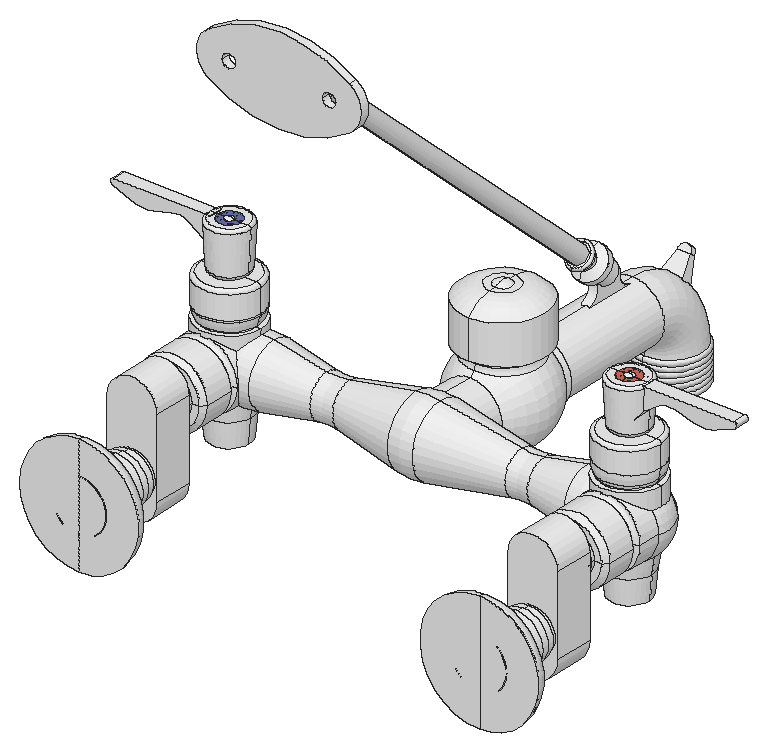
Revit family "Faucet_Utility-Exposed-Wall_Mounted-American_Standard-Yoke-8354112_Series", category Plumbing Fixtures, Revit 2019 (continued)
Automatic sketch dimensions
  Extrusion 7 sketch curve to Extrusion 7 sketch curve = 0.2756"
  Extrusion 7 sketch curve to Extrusion 7 sketch curve = 0.37265"
  Extrusion 7 sketch curve to plane 8 = 0.29803"  (x2)
  Extrusion 7 sketch curve to Extrusion 7 sketch curve = 0.45682"  (x2)
  Extrusion 7 sketch curve to plane 8 = 0.19961"  (x2)
  Extrusion 7 sketch curve to Extrusion 7 sketch curve = 0.3726"  (x2)
  Extrusion 7 sketch curve to Extrusion 7 sketch curve = 0.11486"  (x2)
  Extrusion 7 sketch curve to Extrusion 7 sketch curve = 0.75569"
  Extrusion 7 sketch curve to Extrusion 7 sketch curve = 0.06969"
  Extrusion 7 sketch curve to Extrusion 7 sketch curve = 0.20684"
  plane 8 to Extrusion 7 sketch curve = 0.5237"
  Extrusion 7 sketch curve to Extrusion 7 sketch curve = 7.59202"
  Extrusion 7 sketch curve to plane 8 = 0.13695"
  Extrusion 7 sketch curve to Extrusion 7 sketch curve = 0.5237"
  Extrusion 7 sketch curve to Extrusion 7 sketch curve = 0.0846"
  Extrusion 7 sketch curve to Extrusion 7 sketch curve = 0.71052"
  Extrusion 7 sketch curve to Extrusion 7 sketch curve = 0.57163"
  Extrusion 7 sketch curve to Extrusion 7 sketch curve = 0.18122"
  Extrusion 7 sketch curve to Extrusion 7 sketch curve = 0.33501"
  Extrusion 7 sketch curve to plane 8 = 0.27653"
  Extrusion 7 sketch curve to Extrusion 7 sketch curve = 0.43482"  (x2)
  Extrusion 7 sketch curve to Extrusion 7 sketch curve = 0.40538"
  Extrusion 7 sketch curve to Extrusion 7 sketch curve = 0.54496"
  Extrusion 7 sketch curve to Extrusion 7 sketch curve = 0.98414"  (x2)
  Revolve 8 sketch curve to plane 8 = 0"
  Revolve 8 sketch curve to plane 8 = 1.41005"
  Revolve 8 sketch curve to Revolve 8 sketch curve = 0.18662"  (x2)
  Revolve 8 sketch curve to Revolve 8 sketch curve = 0.00661"
  Revolve 8 sketch curve to Revolve 8 sketch curve = 0.14536"
  Revolve 8 sketch curve to Revolve 8 sketch curve = 0.22485"
  Revolve 8 sketch curve to Revolve 8 sketch curve = 0.425"
  Revolve 8 sketch curve to Revolve 8 sketch curve = 0.07772"
  Revolve 8 sketch curve to plane 8 = 0.05367"
  Revolve 8 sketch curve to Revolve 8 sketch curve = 0.1429"
  Revolve 8 sketch curve to plane 8 = 0.85544"
  Revolve 8 sketch curve to Revolve 8 sketch curve = 0.06336"
  Revolve 8 sketch curve to Revolve 8 sketch curve = 0.38038"
  Revolve 8 sketch curve to plane 8 = 0.05769"
  Revolve 8 sketch curve to Revolve 8 sketch curve = 0.15216"
  Revolve 8 sketch curve to Revolve 8 sketch curve = 0.17062"
  Revolve 8 sketch curve to Revolve 8 sketch curve = 0.03076"
  Revolve 8 sketch curve to Revolve 8 sketch curve = 0.06945"
  Revolve 8 sketch curve to Revolve 8 sketch curve = 0.0869"
  Revolve 8 sketch curve to Revolve 8 sketch curve = 0.19029"
  Revolve 8 sketch curve to Revolve 8 sketch curve = 0.0393"
  Revolve 8 sketch curve to Revolve 8 sketch curve = 0.17044"
  Revolve 8 sketch curve to Revolve 8 sketch curve = 0.04087"
  Revolve 8 sketch curve to plane 8 = 0.11856"
  plane 8 to Revolve 8 sketch curve = 0.02334"
  plane 8 to Revolve 8 sketch curve = 0.25211"
  Revolve 8 sketch curve to Revolve 8 sketch curve = 0.08958"
  Revolve 8 sketch curve to Revolve 8 sketch curve = 0.04625"
  Revolve 9 sketch curve to plane 11 = 0"  (x2)
  Revolve 9 sketch curve to plane 11 = 5/8"
  Revolve 9 sketch curve to Revolve 9 sketch curve = 0"  (x11)
  plane 18 to Revolve 9 sketch curve = 0.02336"
  plane 18 to Revolve 9 sketch curve = 0.07392"
  Revolve 9 sketch curve to Revolve 9 sketch curve = 0.05056"  (x2)
  Revolve 9 sketch curve to Revolve 9 sketch curve = 0.10111"  (x5)
  Revolve 9 sketch curve to Revolve 9 sketch curve = 0.32605"
  Revolve 9 sketch curve to Revolve 9 sketch curve = 0.13915"
  plane 18 to Revolve 10 sketch curve = 1.25289"
  Revolve 10 sketch curve to plane 18 = 0.40524"
  Revolve 10 sketch curve to Revolve 10 sketch curve = 1.06941"
  Revolve 10 sketch curve to Revolve 10 sketch curve = 0.39341"
  plane 18 to Revolve 10 sketch curve = 0.08246"
  Revolve 10 sketch curve to Revolve 10 sketch curve = 0.04267"
  Revolve 10 sketch curve to Revolve 10 sketch curve = 0.63356"
  Revolve 10 sketch curve to plane 18 = 0.23459"
  Revolve 10 sketch curve to Revolve 10 sketch curve = 3.62397"
  Revolve 10 sketch curve to Revolve 10 sketch curve = 0.48434"
  Revolve 10 sketch curve to Revolve 10 sketch curve = 0"  (x2)
  Revolve 10 sketch curve to plane 18 = 0.00876"
  Revolve 11 sketch curve to plane 8 = 1.41005"
  Revolve 11 sketch curve to Revolve 11 sketch curve = 0.13091"
  Revolve 11 sketch curve to Revolve 11 sketch curve = 0.0557"  (x2)
  Revolve 11 sketch curve to Revolve 11 sketch curve = 0.00661"
  Revolve 11 sketch curve to Revolve 11 sketch curve = 0.14536"
  plane 8 to Revolve 11 sketch curve = 0.00026"
  Revolve 11 sketch curve to Revolve 11 sketch curve = 0.22485"
  Revolve 11 sketch curve to Revolve 11 sketch curve = 0.29409"
  Revolve 11 sketch curve to Revolve 11 sketch curve = 0.07772"
  Revolve 11 sketch curve to Revolve 11 sketch curve = 0.1429"
  Revolve 11 sketch curve to plane 8 = 0.85544"
  Revolve 11 sketch curve to Revolve 11 sketch curve = 0.06336"
  Revolve 11 sketch curve to plane 8 = 0.05622"
  Revolve 11 sketch curve to Revolve 11 sketch curve = 0.0536"
  Revolve 11 sketch curve to Revolve 11 sketch curve = 0.53254"
  Revolve 11 sketch curve to Revolve 11 sketch curve = 0.17062"
  Revolve 11 sketch curve to Revolve 11 sketch curve = 0.03076"
  Revolve 11 sketch curve to Revolve 11 sketch curve = 0.06945"
  plane 8 to Revolve 11 sketch curve = 0.0236"
  plane 8 to Revolve 11 sketch curve = 0.25237"
  Revolve 11 sketch curve to plane 8 = 0.1183"
  Revolve 11 sketch curve to Revolve 11 sketch curve = 0.00332"
  Revolve 11 sketch curve to Revolve 11 sketch curve = 0.10099"
  Revolve 11 sketch curve to Revolve 11 sketch curve = 0.42632"
  Revolve 11 sketch curve to Revolve 11 sketch curve = 0.06428"
  Revolve 11 sketch curve to Revolve 11 sketch curve = 0.31056"
  Revolve 11 sketch curve to Revolve 11 sketch curve = 0.08841"
  Revolve 11 sketch curve to Revolve 11 sketch curve = 0.08958"
  Blend 12 sketch curve to plane 3 = 0.25942"
  plane 3 to Blend 12 sketch curve = 0.27925"
  Blend 12 sketch curve to Blend 12 sketch curve = 0.31577"
  Blend 12 sketch curve to plane 3 = 0.13783"
  plane 3 to Blend 12 sketch curve = 0.14137"
  Blend 12 sketch curve to Blend 12 sketch curve = 0.09606"
  Revolve 13 sketch curve to plane 18 = 0"  (x2)
  Revolve 13 sketch curve to plane 1 = 0"  (x2)
  Revolve 13 sketch curve to plane 16 = 0"
  Revolve 13 sketch curve to plane 1 = 0.00317"
  Revolve 13 sketch curve to Revolve 13 sketch curve = 0.43664"
  plane 1 to Revolve 13 sketch curve = 0.2708"
  Revolve 13 sketch curve to plane 16 = 0.58826"
  Revolve 13 sketch curve to plane 16 = 0.55784"
  Revolve 13 sketch curve to plane 16 = 0.33494"
  Revolve 13 sketch curve to Revolve 13 sketch curve = 0.12509"
  Revolve 14 sketch curve to plane 18 = 0"  (x2)
  Revolve 14 sketch curve to plane 1 = 0"
  Revolve 14 sketch curve to Revolve 14 sketch curve = 0.90782"
  Revolve 14 sketch curve to Revolve 14 sketch curve = 0.16982"
  Revolve 14 sketch curve to Revolve 14 sketch curve = 0.16325"
  Revolve 14 sketch curve to Revolve 14 sketch curve = 0.08938"
  Revolve 14 sketch curve to Revolve 14 sketch curve = 0.44274"
  Revolve 14 sketch curve to Revolve 14 sketch curve = 0.03117"
  Revolve 14 sketch curve to Revolve 14 sketch curve = 0.03273"
  Revolve 14 sketch curve to Revolve 14 sketch curve = 0.53762"
  plane 1 to Revolve 14 sketch curve = 0.22489"
  Revolve 14 sketch curve to Revolve 14 sketch curve = 1/4"
  plane 19 to Revolve 15 sketch curve = 0.01526"
  Revolve 15 sketch curve to plane 7 = 0.00157"
  plane 10 to Revolve 15 sketch curve = 0.00437"
  plane 10 to Revolve 15 sketch curve = 0.04787"
  plane 10 to Revolve 15 sketch curve = 0.20086"
  Revolve 15 sketch curve to Revolve 15 sketch curve = 0.42675"
  Revolve 15 sketch curve to Revolve 15 sketch curve = 0.09258"
  Revolve 15 sketch curve to Revolve 15 sketch curve = 0.08811"
  plane 9 to Revolve 15 sketch curve = 0.0981"
  plane 9 to Revolve 15 sketch curve = 0.00114"
  Revolve 15 sketch curve to plane 9 = 0.07274"
  Revolve 15 sketch curve to plane 7 = 0.01395"  (x2)
  Revolve 15 sketch curve to plane 9 = 0.16814"
  plane 7 to Revolve 15 sketch curve = 0.42732"
  Revolve 15 sketch curve to Revolve 15 sketch curve = 0.03264"
  Revolve 15 sketch curve to Revolve 15 sketch curve = 0.00687"
  plane 7 to Revolve 15 sketch curve = 0.58397"
  Revolve 15 sketch curve to Revolve 15 sketch curve = 0.09696"
  Revolve 15 sketch curve to Revolve 15 sketch curve = 0.01863"
  Revolve 15 sketch curve to plane 7 = 0.06258"
  plane 9 to Revolve 15 sketch curve = 0.50757"
  plane 9 to Revolve 15 sketch curve = 0.13761"
  Revolve 16 sketch curve to plane 18 = 0"  (x2)
  Revolve 16 sketch curve to plane 1 = 0"  (x2)
  Revolve 16 sketch curve to plane 1 = 0.00317"
  Revolve 16 sketch curve to Revolve 16 sketch curve = 0.43664"
  plane 1 to Revolve 16 sketch curve = 0.2708"
  plane 18 to Revolve 16 sketch curve = 0.59886"
  Revolve 16 sketch curve to Revolve 16 sketch curve = 0.62928"
  Revolve 16 sketch curve to Revolve 16 sketch curve = 0.25332"
  Revolve 16 sketch curve to Revolve 16 sketch curve = 0.10754"
  Revolve 16 sketch curve to Revolve 16 sketch curve = 0.12509"
  Revolve 17 sketch curve to plane 18 = 0"  (x2)
  Revolve 17 sketch curve to plane 1 = 0"
  Revolve 17 sketch curve to Revolve 17 sketch curve = 0.90782"
  Revolve 17 sketch curve to Revolve 17 sketch curve = 0.16982"
  Revolve 17 sketch curve to Revolve 17 sketch curve = 0.16325"
  Revolve 17 sketch curve to Revolve 17 sketch curve = 0.08938"
  plane 18 to Revolve 17 sketch curve = 0.44274"
  Revolve 17 sketch curve to Revolve 17 sketch curve = 0.03117"
  Revolve 17 sketch curve to Revolve 17 sketch curve = 0.03273"
  Revolve 17 sketch curve to Revolve 17 sketch curve = 0.03097"
  plane 1 to Revolve 17 sketch curve = 0.22489"
  Revolve 17 sketch curve to Revolve 17 sketch curve = 1/4"
  plane 1 to Masking region 1 sketch curve = 0"  (x3)
  Masking region 1 sketch curve to plane 4 = 35.75292"
  Masking region 1 sketch curve to plane 4 = 4.89526"
  Masking region 1 sketch curve to plane 4 = 0.00067"
  plane 4 to Masking region 1 sketch curve = 0.83733"
  plane 4 to Masking region 1 sketch curve = 1.06869"
  plane 1 to Masking region 1 sketch curve = 0.02173"  (x4)
  Masking region 1 sketch curve to Masking region 1 sketch curve = 0.39685"  (x4)
  Masking region 1 sketch curve to plane 10 = 0.13054"  (x2)
  plane 6 to Masking region 1 sketch curve = 0.74428"
  plane 10 to Masking region 1 sketch curve = 0.14273"
  Masking region 1 sketch curve to Masking region 1 sketch curve = 0.00068"  (x2)
  plane 10 to Masking region 1 sketch curve = 0.20086"  (x2)
  Masking region 1 sketch curve to Masking region 1 sketch curve = 0.01342"  (x2)
  Masking region 1 sketch curve to Masking region 1 sketch curve = 0.0166"
  Masking region 1 sketch curve to Masking region 1 sketch curve = 0.00203"
  Masking region 1 sketch curve to Masking region 1 sketch curve = 0.00545"  (x4)
  Masking region 1 sketch curve to plane 1 = 0.43664"  (x4)
  Masking region 1 sketch curve to Masking region 1 sketch curve = 0.16099"  (x4)
  Masking region 1 sketch curve to Masking region 1 sketch curve = 0.08917"  (x3)
  plane 9 to Masking region 1 sketch curve = 0.00114"  (x4)
  Masking region 1 sketch curve to Masking region 1 sketch curve = 0.09696"  (x2)
  Masking region 1 sketch curve to Masking region 1 sketch curve = 0.04202"  (x2)
  Masking region 1 sketch curve to Masking region 1 sketch curve = 0.09166"  (x4)
  Masking region 1 sketch curve to Masking region 1 sketch curve = 0.06205"
  Masking region 1 sketch curve to Masking region 1 sketch curve = 0.03097"  (x4)
  Masking region 1 sketch curve to Masking region 1 sketch curve = 0.03273"  (x4)
  Masking region 1 sketch curve to Masking region 1 sketch curve = 0.10684"
  Masking region 1 sketch curve to Masking region 1 sketch curve = 0.06437"
  plane 6 to Masking region 1 sketch curve = 0.02277"
  Masking region 1 sketch curve to plane 6 = 0.44274"
  Masking region 1 sketch curve to plane 9 = 0.08312"
  Masking region 1 sketch curve to plane 6 = 0.46209"
  Masking region 1 sketch curve to Masking region 1 sketch curve = 0.03117"  (x2)
  Masking region 1 sketch curve to Masking region 1 sketch curve = 0.03346"  (x2)
  Masking region 1 sketch curve to Masking region 1 sketch curve = 0.10712"
  Masking region 1 sketch curve to Masking region 1 sketch curve = 0.00027"
  Masking region 1 sketch curve to Masking region 1 sketch curve = 0.00752"
  Masking region 1 sketch curve to Masking region 1 sketch curve = 0.05984"  (x2)
  plane 1 to Masking region 1 sketch curve = 0.18304"  (x4)
  plane 10 to Masking region 1 sketch curve = 0.15919"
  Masking region 1 sketch curve to Masking region 1 sketch curve = 0.08668"
  Masking region 1 sketch curve to plane 3 = 1.84231"
  Masking region 1 sketch curve to plane 9 = 0.18809"
  Masking region 1 sketch curve to Masking region 1 sketch curve = 1.49178"
  Masking region 1 sketch curve to plane 1 = 0.15652"
  Masking region 1 sketch curve to Masking region 1 sketch curve = 1.16523"
  Masking region 1 sketch curve to plane 19 = 0.09067"
  Masking region 1 sketch curve to plane 3 = 0.63362"
  Masking region 1 sketch curve to plane 3 = 0.62544"
  plane 19 to Masking region 1 sketch curve = 0.29091"  (x2)
  Masking region 1 sketch curve to Masking region 1 sketch curve = 0.01227"
  Masking region 1 sketch curve to plane 3 = 0.35896"
  Masking region 1 sketch curve to Masking region 1 sketch curve = 0.00493"  (x2)
  Masking region 1 sketch curve to Masking region 1 sketch curve = 0.07483"
  Masking region 1 sketch curve to plane 3 = 23/128"
  Masking region 1 sketch curve to plane 3 = 0.17894"
  Masking region 1 sketch curve to plane 3 = 0.15382"
  Masking region 1 sketch curve to Masking region 1 sketch curve = 0.03023"  (x2)
  Masking region 1 sketch curve to plane 3 = 0.12149"
  Masking region 1 sketch curve to plane 3 = 0.11749"
  Masking region 1 sketch curve to plane 3 = 0.10654"
  Masking region 1 sketch curve to plane 3 = 0.00044"
  plane 3 to Masking region 1 sketch curve = 0.10612"
  plane 3 to Masking region 1 sketch curve = 0.11749"
  plane 3 to Masking region 1 sketch curve = 0.12107"
  plane 3 to Masking region 1 sketch curve = 0.14829"
  plane 3 to Masking region 1 sketch curve = 0.16847"
  Masking region 1 sketch curve to Masking region 1 sketch curve = 0.05819"
  Masking region 1 sketch curve to Masking region 1 sketch curve = 0.10519"
  Masking region 1 sketch curve to Masking region 1 sketch curve = 0.1751"
  plane 3 to Masking region 1 sketch curve = 0.62135"
  plane 3 to Masking region 1 sketch curve = 0.62544"
  Masking region 1 sketch curve to plane 19 = 0.08116"
  Masking region 1 sketch curve to Masking region 1 sketch curve = 0.01196"
  Masking region 1 sketch curve to Masking region 1 sketch curve = 1.36026"
  plane 10 to Masking region 1 sketch curve = 0.43365"  (x2)
  Masking region 1 sketch curve to Masking region 1 sketch curve = 1.12674"
  Masking region 1 sketch curve to plane 19 = 0.28233"  (x2)
  Masking region 1 sketch curve to Masking region 1 sketch curve = 0.01417"
  Masking region 1 sketch curve to Masking region 1 sketch curve = 0.2731"
  Masking region 1 sketch curve to plane 9 = 39/128"
  Masking region 1 sketch curve to Masking region 1 sketch curve = 0.28928"
  Masking region 1 sketch curve to Masking region 1 sketch curve = 1.16565"
  Masking region 1 sketch curve to Masking region 1 sketch curve = 0.73243"
  Masking region 1 sketch curve to plane 19 = 0.10972"
  plane 7 to Masking region 1 sketch curve = 0.83971"
  Masking region 1 sketch curve to Masking region 1 sketch curve = 0.25408"
  plane 9 to Masking region 1 sketch curve = 0.0981"  (x4)
  Masking region 1 sketch curve to plane 9 = 0.0678"
  Masking region 1 sketch curve to Masking region 1 sketch curve = 0.03712"
  plane 19 to Masking region 1 sketch curve = 0.15683"
  Masking region 1 sketch curve to Masking region 1 sketch curve = 0.27231"
  Masking region 1 sketch curve to Masking region 1 sketch curve = 0.04052"
  Masking region 1 sketch curve to Masking region 1 sketch curve = 0.1335"
  Masking region 1 sketch curve to Masking region 1 sketch curve = 0.0528"
  Masking region 1 sketch curve to plane 7 = 0.01568"
  Masking region 1 sketch curve to plane 7 = 0.43565"
  Masking region 1 sketch curve to plane 7 = 0.45522"
  Masking region 1 sketch curve to Masking region 1 sketch curve = 0.06172"
  Masking region 1 sketch curve to Masking region 1 sketch curve = 0.06469"
  Masking region 1 sketch curve to plane 7 = 0.61187"
  Masking region 1 sketch curve to Masking region 1 sketch curve = 0.09258"
  Masking region 1 sketch curve to Masking region 1 sketch curve = 0.01863"
  Masking region 1 sketch curve to plane 5 = 0.00067"
  Masking region 1 sketch curve to plane 5 = 12.72819"
  Masking region 1 sketch curve to Masking region 1 sketch curve = 11.51166"
  Masking region 1 sketch curve to Masking region 1 sketch curve = 82.45232"
  Masking region 1 sketch curve to Masking region 1 sketch curve = 104.73721"
  Masking region 1 sketch curve to Masking region 1 sketch curve = 0.15652"
  Masking region 1 sketch curve to Masking region 1 sketch curve = 0.11531"
  Masking region 1 sketch curve to Masking region 1 sketch curve = 0.12016"
  Masking region 1 sketch curve to Masking region 1 sketch curve = 0.14881"
  Masking region 1 sketch curve to Masking region 1 sketch curve = 0.14396"
  Masking region 1 sketch curve to Masking region 1 sketch curve = 0.12193"  (x2)
  Masking region 1 sketch curve to Masking region 1 sketch curve = 0.1464"  (x2)
  Masking region 1 sketch curve to Masking region 1 sketch curve = 0.08266"  (x2)
  Masking region 1 sketch curve to Masking region 1 sketch curve = 0.094"  (x2)
  Masking region 1 sketch curve to Masking region 1 sketch curve = 0.47118"  (x4)
  Masking region 1 sketch curve to Masking region 1 sketch curve = 0.2701"
  Masking region 1 sketch curve to Masking region 1 sketch curve = 0"  (x3)
  Masking region 1 sketch curve to Masking region 1 sketch curve = 0.16982"  (x4)
  Masking region 1 sketch curve to Masking region 1 sketch curve = 0.14445"  (x2)
  Masking region 1 sketch curve to Masking region 1 sketch curve = 0.16325"  (x4)
  Masking region 1 sketch curve to Masking region 1 sketch curve = 0.08938"  (x4)
  Masking region 1 sketch curve to plane 9 = 0.17009"
  Masking region 1 sketch curve to Masking region 1 sketch curve = 0.10142"
  Masking region 1 sketch curve to Masking region 1 sketch curve = 0.08611"
  Masking region 1 sketch curve to plane 9 = 0.16814"
  Masking region 1 sketch curve to Masking region 1 sketch curve = 0.46641"
  Masking region 1 sketch curve to Masking region 1 sketch curve = 0.54743"
  Masking region 1 sketch curve to Masking region 1 sketch curve = 0.56212"  (x2)
  Masking region 1 sketch curve to Masking region 1 sketch curve = 0.09571"
  Masking region 1 sketch curve to Masking region 1 sketch curve = 0.01469"
  Masking region 1 sketch curve to Masking region 1 sketch curve = 0.08392"  (x4)
  Masking region 1 sketch curve to Masking region 1 sketch curve = 1.3608"
  Masking region 1 sketch curve to Masking region 1 sketch curve = 0.00482"
  Masking region 1 sketch curve to Masking region 1 sketch curve = 0.02044"  (x4)
  Masking region 1 sketch curve to Masking region 1 sketch curve = 0.13734"
  Masking region 1 sketch curve to Masking region 1 sketch curve = 0.05813"
  Masking region 1 sketch curve to plane 10 = 0.01898"  (x2)
  plane 19 to Masking region 1 sketch curve = 0.95234"
  plane 19 to Masking region 1 sketch curve = 0.9859"
  Masking region 1 sketch curve to Masking region 1 sketch curve = 0.79483"
  Masking region 1 sketch curve to plane 11 = 0.25293"
  Masking region 1 sketch curve to Masking region 1 sketch curve = 0.00216"
  plane 11 to Masking region 1 sketch curve = 43.09526"
  Masking region 1 sketch curve to plane 19 = 0.09086"
  Masking region 1 sketch curve to Masking region 1 sketch curve = 0.05948"
  Masking region 1 sketch curve to Masking region 1 sketch curve = 0.12024"
  Masking region 1 sketch curve to plane 19 = 0.29827"
  plane 10 to Masking region 1 sketch curve = 0.41486"
  plane 7 to Extrusion 18 sketch curve = 0"
  Extrusion 18 sketch curve to Extrusion 18 sketch curve = 1/2"
  Extrusion 18 sketch curve to plane 18 = 0.36245"
  plane 18 to Extrusion 18 sketch curve = 1.21497"
  Extrusion 19 sketch curve to plane 6 = 0.49291"
  plane 6 to Extrusion 19 sketch curve = 0.00709"
  plane 18 to Extrusion 19 sketch curve = 1.21497"
  Extrusion 19 sketch curve to plane 18 = 0.36245"
  Revolve 20 sketch curve to plane 15 = 0.14998"
  Revolve 20 sketch curve to plane 15 = 0.07222"
  Revolve 20 sketch curve to plane 15 = 0.0294"
  Revolve 20 sketch curve to plane 15 = 0.01699"
  plane 15 to Revolve 20 sketch curve = 0.02427"
  plane 15 to Revolve 20 sketch curve = 0.05808"
  plane 15 to Revolve 20 sketch curve = 0.15781"
  Revolve 20 sketch curve to Revolve 20 sketch curve = 0.18643"
  Revolve 20 sketch curve to Revolve 20 sketch curve = 0.05319"  (x2)
  Revolve 20 sketch curve to Revolve 20 sketch curve = 0.0031"
  Revolve 20 sketch curve to Revolve 20 sketch curve = 0.04859"
  Revolve 20 sketch curve to Revolve 20 sketch curve = 0.01448"
  Revolve 20 sketch curve to Revolve 20 sketch curve = 0.0219"  (x2)
  Revolve 20 sketch curve to Revolve 20 sketch curve = 0.04759"
  Revolve 20 sketch curve to plane 8 = 0.71496"
  Revolve 20 sketch curve to Revolve 20 sketch curve = 0.0106"
  Revolve 20 sketch curve to Revolve 20 sketch curve = 0.01909"
  Revolve 20 sketch curve to Revolve 20 sketch curve = 0.03117"  (x2)
  Revolve 20 sketch curve to Revolve 20 sketch curve = 0.05219"
  Revolve 20 sketch curve to Revolve 20 sketch curve = 0.05504"
  Revolve 20 sketch curve to Revolve 20 sketch curve = 0.02533"
  Revolve 20 sketch curve to Revolve 20 sketch curve = 0.03535"
  Revolve 20 sketch curve to Revolve 20 sketch curve = 0.05269"  (x2)
  Revolve 20 sketch curve to Revolve 20 sketch curve = 0.08811"
  Revolve 20 sketch curve to Revolve 20 sketch curve = 0.07218"  (x2)
  Revolve 20 sketch curve to Revolve 20 sketch curve = 0.2643"
  Revolve 20 sketch curve to Revolve 20 sketch curve = 0.30092"
  Revolve 20 sketch curve to Revolve 20 sketch curve = 0.0848"
  Revolve 20 sketch curve to Revolve 20 sketch curve = 0.0384"
  Revolve 20 sketch curve to Revolve 20 sketch curve = 0.08085"
  Revolve 20 sketch curve to Revolve 20 sketch curve = 0.17424"
  Revolve 20 sketch curve to plane 1 = 0.35228"
  Revolve 20 sketch curve to Revolve 20 sketch curve = 0.21474"
  Revolve 20 sketch curve to Revolve 20 sketch curve = 0.07542"
  Revolve 20 sketch curve to Revolve 20 sketch curve = 0.12115"
  Revolve 20 sketch curve to Revolve 20 sketch curve = 0.19129"
  Revolve 20 sketch curve to Revolve 20 sketch curve = 0.05367"
  Revolve 20 sketch curve to Revolve 20 sketch curve = 0.03963"
  Revolve 20 sketch curve to Revolve 20 sketch curve = 0.03538"
  Revolve 20 sketch curve to Revolve 20 sketch curve = 0.06924"
  Revolve 20 sketch curve to Revolve 20 sketch curve = 0.03773"
  Revolve 20 sketch curve to Revolve 20 sketch curve = 0.04245"
  Revolve 20 sketch curve to Revolve 20 sketch curve = 0.02404"
  Revolve 20 sketch curve to Revolve 20 sketch curve = 0.0279"
  Revolve 20 sketch curve to Revolve 20 sketch curve = 0.06042"
  Revolve 20 sketch curve to Revolve 20 sketch curve = 0.00947"
  Revolve 20 sketch curve to Revolve 20 sketch curve = 0.17045"
  Revolve 20 sketch curve to Revolve 20 sketch curve = 0.18213"
  Revolve 20 sketch curve to Revolve 20 sketch curve = 0.02454"
  Revolve 20 sketch curve to Revolve 20 sketch curve = 0.1698"
  Revolve 20 sketch curve to Revolve 20 sketch curve = 0.12587"
  Revolve 20 sketch curve to Revolve 20 sketch curve = 0.02217"
  plane 1 to Revolve 20 sketch curve = 0.24476"
  Revolve 20 sketch curve to plane 15 = 0.61609"
  Revolve 20 sketch curve to Revolve 20 sketch curve = 0.0388"
  Revolve 20 sketch curve to Revolve 20 sketch curve = 0.04259"
  Extrusion 21 sketch curve to plane 8 = 1.54877"
  Extrusion 21 sketch curve to Extrusion 21 sketch curve = 0.04759"
  Extrusion 21 sketch curve to Extrusion 21 sketch curve = 0.05908"
  Extrusion 21 sketch curve to Extrusion 21 sketch curve = 0.27729"
  Extrusion 21 sketch curve to plane 11 = 2.18857"
  Extrusion 21 sketch curve to Extrusion 21 sketch curve = 0.08266"
  Extrusion 21 sketch curve to Extrusion 21 sketch curve = 0.55175"
  Extrusion 21 sketch curve to Extrusion 21 sketch curve = 0.53091"
  Extrusion 21 sketch curve to Extrusion 21 sketch curve = 0.02225"
  Extrusion 21 sketch curve to Extrusion 21 sketch curve = 0"
  Extrusion 22 sketch curve to plane 12 = 0"  (x3)
  plane 13 to Extrusion 22 sketch curve = 0"
  Extrusion 22 sketch curve to plane 3 = 0"  (x2)
  Extrusion 22 sketch curve to plane 14 = 0"
  plane 12 to Extrusion 22 sketch curve = 0.00079"
  plane 13 to Extrusion 22 sketch curve = 0.10701"
  Extrusion 22 sketch curve to Extrusion 22 sketch curve = 0.10754"
  plane 12 to Extrusion 22 sketch curve = 1.63941"
  Extrusion 22 sketch curve to plane 15 = 1.61931"
  plane 13 to Extrusion 22 sketch curve = 0.40637"
  Extrusion 22 sketch curve to Extrusion 22 sketch curve = 0"  (x2)
  plane 12 to Extrusion 22 sketch curve = 0.41757"
  Extrusion 23 sketch curve to Extrusion 23 sketch curve = 0"  (x3)
  plane 15 to Extrusion 23 sketch curve = 0"
  Extrusion 23 sketch curve to plane 15 = 0.21211"
  Extrusion 23 sketch curve to Extrusion 23 sketch curve = 0.05306"  (x2)
  Extrusion 23 sketch curve to plane 1 = 0.15652"
  Extrusion 23 sketch curve to Extrusion 23 sketch curve = 0.26191"
  plane 8 to Revolve 24 sketch curve = 0.28922"
  Revolve 24 sketch curve to Revolve 24 sketch curve = 0"  (x3)
  Revolve 24 sketch curve to Revolve 24 sketch curve = 1.17376"
  plane 8 to Revolve 24 sketch curve = 0.00026"
  Revolve 24 sketch curve to Revolve 24 sketch curve = 0.11243"
  Revolve 24 sketch curve to Revolve 24 sketch curve = 0.07216"
  plane 8 to Revolve 25 sketch curve = 0.28922"
  Revolve 25 sketch curve to Revolve 25 sketch curve = 0"  (x2)
  Revolve 25 sketch curve to Revolve 25 sketch curve = 1.17376"
  plane 8 to Revolve 25 sketch curve = 0.00026"  (x2)
  Revolve 25 sketch curve to Revolve 25 sketch curve = 0.11243"
  Revolve 25 sketch curve to Revolve 25 sketch curve = 0.07216"
  plane 20 to Extrusion 26 sketch curve = 0"
  plane 3 to Extrusion 26 sketch curve = 0.1412"
  plane 3 to Extrusion 26 sketch curve = 0.00177"
  radius of curve 12 = 0.0897"
  radius of curve 25 = 0.0897"
  radius of Sweep 3 sketch curve = 5/8"
  radius of Extrusion 22 sketch curve = 0.13678"  (x2)
  radius of Extrusion 23 sketch curve = 19/256"
Connectors (in)
  piping at (3.99674, 0, 36), diameter 0.5, driven by "Hot Water Connection Diameter", driven by "HWFU"
    settings: on Revolve 16, index 1, connector inside diameter 24", connector length 0", flow factor 0, pipe flow 0 GPM, pressure drop 0.00 psi, fitting loss kfactor 0, connector angle 0.00°, fixture units 1.5, engagement length 0", angle of deflection 0.00°, flow configuration 3, flow direction 1, fitting loss method 0, system type 19, joint type 0, gender type 0, connector reference index -1, connector utility 0, adjustable connector no, is connector primary yes, connector description "1/2\" HW NPT Female Inlet"
  piping at (-3.99674, 0, 36), diameter 0.5, driven by "CWFU", driven by "Cold Water Connection Diameter"
    settings: on Revolve 13, index 2, connector inside diameter 24", connector length 0", flow factor 0, pipe flow 0 GPM, pressure drop 0.00 psi, fitting loss kfactor 0, connector angle 0.00°, fixture units 1.5, engagement length 0", angle of deflection 0.00°, flow configuration 3, flow direction 1, fitting loss method 0, system type 20, joint type 0, gender type 0, connector reference index -1, connector utility 0, adjustable connector no, is connector primary no, connector description "1/2\" CW NPT Female Inlet"
Types (3): name | Product Page URL | Model | Material | Finish
  (no name) | "https://www.americanstandard-us.com/Mechanical-Commercial-Fittings/Top-Brace-Wall-Mount-Service-Sink-Faucet-With-6-Inch-Vacuum-Breaker-Spout-and-Offset-Shanks/CHROME-8354112002" | "8354112.002" | "Brass-American Standard-002-Polished Chrome" | Brass-American Standard-002-Polished Chrome
  8354112.004 | "https://www.americanstandard-us.com/Mechanical-Commercial-Fittings/Top-Brace-Wall-Mount-Service-Sink-Faucet-With-6-Inch-Vacuum-Breaker-Spout-and-Offset-Shanks/ROUGH-CHROME-004-8354112004" | "8354112.004" | "Brass-American Standard-004-RoughChrome" | Brass-American Standard-004-RoughChrome
  8354112.002 | "https://www.americanstandard-us.com/Mechanical-Commercial-Fittings/Top-Brace-Wall-Mount-Service-Sink-Faucet-With-6-Inch-Vacuum-Breaker-Spout-and-Offset-Shanks/CHROME-8354112002" | "8354112.002" | "Brass-American Standard-002-Polished Chrome" | Brass-American Standard-002-Polished Chrome
